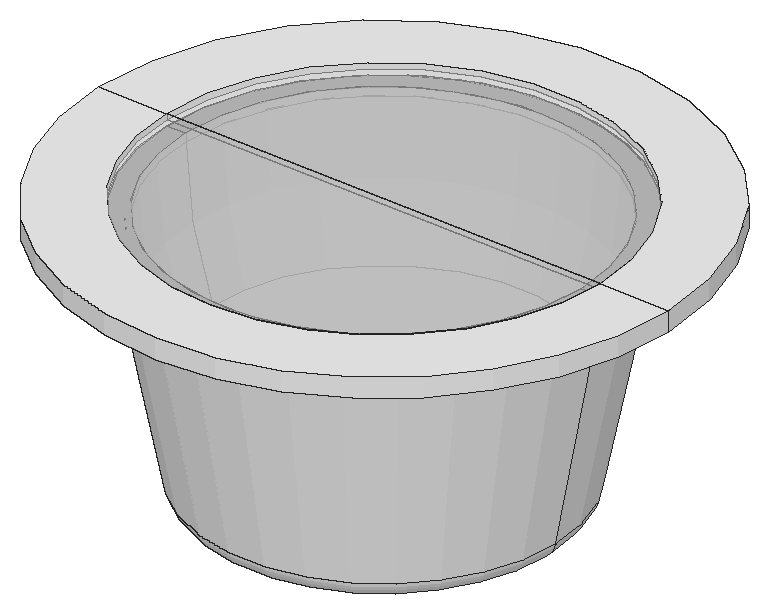
Revit family "2060566+2039013 Sylvania Lighting Fixture ASCENT 100 II ARCH 2700 4K STD EMG 160 with IP54 PC Cover", category Lighting Fixtures, host Face, Revit 2016
Family settings
  Host = Face
  Part Type = Normal
  Round Connector Dimension = Use Diameter
  OmniClass Number = 23.80.70.11.17
  OmniClass Title = Specialized Lighting by Location or Use
  Cut with Voids When Loaded = No
  Light Source = Yes
  Shared = No
  Room Calculation Point = No
Parameters (values of type "2060566+2039013 ASCT100 II ARCH 2700 4K STD EMG 160 with IP54 PC Cover")
  WidthBezelAcc_SYL = 25.0 mm
  Weight = "1.92 kg"
  Wattage = 23 W
  WarrantyStartDate [instance] = "n/a"
  WarrantyGuarantorParts = "n/a"
  WarrantyDurationUnit = "n/a"
  WarrantyDurationParts = "n/a"
  WarrantyDescription = "n/a"
  built-in parameter 1150110 = 1 (stored number, unit not read)
  Voltage = 0 V
  VisibilityAccessory_SYL = yes
  TypeName = "ASCENT 100 II ARCH 2700 4K STD EMG 160 with IP54 PC Cover"
  built-in parameter 1114217 = 1 (stored number, unit not read)
  Tilt Angle = -90°
  built-in parameter 1150109 = 1 (stored number, unit not read)
  built-in parameter 1150134 = 12
  built-in parameter 1150113 = 1 (stored number, unit not read)
  SerialNumber [instance] = "n/a"
  ReflectorRadius_SYL = Radius_SYL - 14.5 mm  # 80.0 mm
  RadiusAcc_SYL = 105.0 mm
  Radius_SYL = 94.5 mm
  URL = "http://www.sylvania-lighting.com"
  PowerFactor = 0
  PowerConsumption = "23 W"
  Photometric Web File = "2060566.ies"
  NominalWidth = 0.0 mm
  NominalLength = 0.0 mm
  NominalHeight = 94.0 mm
  Name = "ASCENT 100 II ARCH 2700 4K STD EMG 160 with IP54 PC Cover"
  ModelReference = "ASCENT 100 II ARCH 2700 4K STD EMG 160 with IP54 PC Cover"
  ModelNumber = "2060566+2039013"
  Material_4_SYL = none
  Material_3_SYL = Polycarbonate_Sylvania_Ascent_Clear
  Material_2_SYL = Aluminium_Sylvania_Ascent_Silver
  Material_1_SYL = Aluminum_Sylvania_Ascent_White
  Material = "aluminium housing, arcylic diffuser"
  ManufacturerName = "Feilo Sylvania"
  LuminousEfficacy = "120 lm/W"
  built-in parameter 1150105 = 219.63 (stored number, unit not read)
  Lumens = 2760 lm
  LuminaireType = ""
  built-in parameter 1150115 = 1 (stored number, unit not read)
  LightOutputRatio = "100"
  built-in parameter 1150137 = (empty or 0)
  built-in parameter 1150139 = (empty or 0)
  LampsType = Lamp  # "LED"
  LampNominalLuminous = "2767 lm"
  LampMacAdamStep = "3"
  LampColourTemperature = "4000 K"
  LampColourRenderingIndex = "80"
  built-in parameter 1150112 = 1 (stored number, unit not read)
  built-in parameter 1150114 = 1 (stored number, unit not read)
  Keynote = "16500"
  InstallationDate [instance] = "n/a"
  InputVoltage = "n/a"
  InputNominalFrequency = "n/a"
  built-in parameter 1150132 = (empty or 0)
  built-in parameter 1150102 = (empty or 0)
  built-in parameter 1150107 = 4000 (stored number, unit not read)
  built-in parameter 1150138 = (empty or 0)
  IngressProtection = "IP54"
  ImpactProtectionIndex = "IK02"
  built-in parameter 1150106 = 2.1963 (stored number, unit not read)
  IfcExportType = "IfcLightFixtureType"
  IfcExportAs = "IfcLightFixtureType"
  Height_SYL = 94.0 mm
  HeightAcc_SYL = 7.0 mm
  ExpectedLife = 50000
  EmittionSurface_SYL = if(VisibilityAccessory_SYL, 7.0 mm, 3.0 mm)  # 7.0 mm
  Emit from Circle Diameter = DiffuserRadius_SYL * 2  # 146.0 mm
  Emit Shape Visible in Rendering = no
  ElectricShockClassification = "Class II"
  built-in parameter 1150104 = 11.148 (stored number, unit not read)
  DurationUnit = "hours"
  DocumentationLiterature = "http://www.sylvania-lighting.com/product/en-int/products/2060566"
  DimmingControlOptions = "n/a"
  Dimming Lamp Color Temperature Shift = <None>
  DiffuserRadius_SYL = ReflectorRadius_SYL - 7.0 mm  # 73.0 mm
  Diameter_SYL = 2 * Radius_SYL  # 189.0 mm
  CutoutDiameter_SYL = Diameter_SYL - 13.0 mm  # 176.0 mm
  CreatedOn = "9/17/2018"
  CreatedBy = "@sylvania-lighting.com"
  Color Filter = 16777215
  built-in parameter 1114216 [instance] = 1 (stored number, unit not read)
  Model = "ASCENT 100 II ARCH 2700 4K STD EMG 160 with IP54 PC Cover"
  Manufacturer = "Feilo Sylvania"
  Lamp = "LED"
  Description = "Direct LED retro fit for original LED 100 Arch (160) single CFL lamp offering Matching lumen levels and improved light distribution of original LED 100 CFL lamp equivalents Typically half the power consumption compared to CFL Up to 112lm/W 160mm aperture Architectural reflector accepts range of glass accessories from existing LED 100 Arch 160 offering HE, HO and VHO versions equivalent of single 1 x 18W, 1 x 32W, 1 x 42W\r\n Additional VVHO versions which offer the performance circa 2 x 32W equivalent"  # constant formula
  Default Elevation = 0.0 mm
  built-in parameter 1140040 [instance] = 1
  BarCode [instance] = "n/a"
  built-in parameter 1114218 = 1 (stored number, unit not read)
  built-in parameter 1150133 = 10 (stored number, unit not read)
  AssetType = "Fixed"
  AssetIdentifier [instance] = "n/a"
  Assembly Code = "D5020200"
  Apparent Load = 23 VA
  Aperture_SYL = 2 * ReflectorRadius_SYL  # 160.0 mm
Types (2, lengths in mm): name | Wattage | TypeName | Photometric Web File | Name | ModelReference | built-in parameter 1150105 | Lumens | built-in parameter 1150106 | Model | Apparent Load
  2060566+2039013 ASCT100 II ARCH 2700 4K STD EMG 160 with IP54 PC Cover | 23 W | "ASCENT 100 II ARCH 2700 4K STD EMG 160 with IP54 PC Cover" | "2060566.ies" | "ASCENT 100 II ARCH 2700 4K STD EMG 160 with IP54 PC Cover" | "ASCENT 100 II ARCH 2700 4K STD EMG 160 with IP54 PC Cover" | 219.63 (stored number, unit not read) | 2760 lm | 2.1963 (stored number, unit not read) | "ASCENT 100 II ARCH 2700 4K STD EMG 160 with IP54 PC Cover" | 23 VA
  2060566+2039013 ASCT100 II ARCH 2700 4K STD EMG 160 with IP54 PC Cover Emergency mode | 1.58333 W | "ASCT100 II ARCH 2700 4K STD EMG 160 with IP54 PC Cover Emergency mode" | "2060566EM.ies" | "ASCT100 II ARCH 2700 4K STD EMG 160 with IP54 PC Cover Emergency mode" | "ASCT100 II ARCH 2700 4K STD EMG 160 with IP54 PC Cover Emergency mode" | 15.12 (stored number, unit not read) | 190 lm | 0.1512 (stored number, unit not read) | "ASCT100 II ARCH 2700 4K STD EMG 160 with IP54 PC Cover Emergency mode" | 1.58333 VA
Reference planes
  plane 1 "Center (Front/Back)": y = 0
  plane 2: z = 0
  plane 3 "Center (Left/Right)": x = 0
  plane 4 "Fixture Bottom": z = 3
  plane 5: z = -52.5
  plane 6 "Fixture Top": z = -91
  plane 7: x = -105
  plane 8: z = 7
  plane 9: x = -80
  plane 10: z = 5
  plane 11: x = -103
Forms (mm)
  Extrusion 1, solid, material "Aluminum_Sylvania_Ascent_White", detail levels fine
    sketch origin (0, 0, 0) x (1, 0, 0) y (0, 1, 0)
      loop
        circle (0, 0) r 94.5
      loop
        circle (0, 0) r 80
    from 0 to 3
  Extrusion 2, void
    sketch origin (0, 0, 0) x (1, 0, 0) y (0, 1, 0)
      loop
        circle (0, 0) r 88
    from -91 to 3
  Revolve 3, solid, material "Aluminum_Sylvania_Ascent_White" <- "Material_1_SYL", detail levels fine
    sketch origin (0, 0, 0) x (1, 0, 0) y (0, 0, 1)
      loop
        line (0, -91.073) -> (0, -89.023) -> (-55.468, -89.014)
        arc (-55.468, -89.014) -> (-59.352, -87.613) -> (-61.54, -84.139) r 6.307
        line (-61.54, -84.139) -> (-77.991, -2.844) -> (-77.991, 0) -> (-80, 0) -> (-80, -3) -> (-63.5, -84.536)
        arc (-63.5, -84.536) -> (-60.643, -89.203) -> (-55.5, -91.073) r 8.291
        line (-55.5, -91.073) -> (0, -91.073)
      axis (0, 0) -> (0, -91.073)
    angle from 0 to 360
  Revolve 4, solid, material "Aluminium_Sylvania_Ascent_Silver" <- "Material_2_SYL", detail levels fine
    sketch origin (0, 0, 0) x (1, 0, 0) y (0, 0, 1)
      loop
        line (-80, 3) -> (-80, 0) -> (-75, 0)
        arc (-75, 0) -> (-72.349, -26.77) -> (-64.5, -52.5) r 136.5
        line (-64.5, -52.5) -> (-58, -52.5)
        arc (-58, -52.5) -> (-56.857, -61.521) -> (-53.5, -69.971) r 36.166
        line (-53.5, -69.971) -> (0, -69.971) -> (0, -50.5) -> (-63.16, -50.5)
        arc (-63.16, -50.5) -> (-70.517, -25.725) -> (-73, 0) r 134.5
        line (-73, 0) -> (-73, 3) -> (-80, 3)
      axis (0, 3) -> (0, -69.971)
    angle from 0 to 360
  Extrusion 5, solid, material "Polycarbonate_Sylvania_Ascent_Clear" <- "Material_3_SYL", detail levels fine
    sketch origin (0, 0, 0) x (1, 0, 0) y (0, 1, 0)
      loop
        circle (0, 0) r 73
    from 0 to 3
  Revolve 6, solid, material "Aluminum_Sylvania_Ascent_White" <- "Material_1_SYL", detail levels coarse+medium
    sketch origin (0, 0, 0) x (1, 0, 0) y (0, 0, 1)
      loop
        line (0, -91.073) -> (0, 3) -> (-94.5, 3) -> (-94.5, 0) -> (-79.5, 0) -> (-79.5, -3) -> (-63, -84.536)
        arc (-63, -84.536) -> (-60.143, -89.203) -> (-55, -91.073) r 8.291
        line (-55, -91.073) -> (0, -91.073)
      axis (0, 3) -> (0, -91.073)
    angle from 0 to 360
  Revolve 7, solid, material "Aluminum_Sylvania_Ascent_White" <- "Material_1_SYL", visible <- "VisibilityAccessory_SYL"
    sketch origin (0, 0, 0) x (1, 0, 0) y (0, 0, 1)
      loop
        line (-105, 0) -> (-103, 0) -> (-103, 5) -> (-80, 5) -> (-80, 7) -> (-105, 7) -> (-105, 0)
      axis (0, 7) -> (0, 0)
    angle from 0 to 360
  Revolve 8, solid, material "Polycarbonate_Sylvania_Ascent_Clear" <- "Material_3_SYL", visible <- "VisibilityAccessory_SYL"
    sketch origin (0, 0, 0) x (1, 0, 0) y (0, 0, 1)
      loop
        line (-80, 7) -> (-80, 5) -> (0, 5) -> (0, 7) -> (-80, 7)
      axis (0, 7) -> (0, 5)
    angle from 0 to 360
Lines and regions (mm)
  reference lines
    curve 1: line (-150, 0, 7) -> (125, 0, 7)
Dimensions and locks
  locked: plane 4 "Fixture Bottom" to plane 2 at 3
  "Height_SYL": plane 4 "Fixture Bottom" to plane 6 "Fixture Top"
  "ReflectorRadius_SYL": plane 3 "Center (Left/Right)" to Revolve 4 sketch curve
  locked: Revolve 4 sketch curve to Revolve 4 sketch curve at 15.5
  locked: Revolve 4 sketch curve to Revolve 4 sketch curve at 5
  locked: Revolve 4 sketch curve to Revolve 4 sketch curve at 7
  locked: Revolve 4 sketch curve to Revolve 4 sketch curve at 22
  locked: Revolve 4 sketch curve to Revolve 4 sketch curve at 26.5
  locked: Revolve 3 sketch curve to Revolve 3 sketch curve at 16.5
  locked: Revolve 3 sketch curve to Revolve 3 sketch curve at 24.5
  "ReflectorRadius_SYL": Revolve 3 sketch curve to plane 3 "Center (Left/Right)"
  locked: Revolve 3 sketch curve to plane 6 "Fixture Top" at 6.464
  locked: plane 2 to Revolve 3 sketch curve at 3
  locked: Revolve 3 sketch curve to Revolve 3 sketch curve at 2
  locked: Revolve 3 sketch curve to Revolve 3 sketch curve at 2.009
  locked: plane 2 to plane 5 at 52.5
  locked: Revolve 6 sketch curve to Revolve 6 sketch curve at 31.5
  locked: Revolve 6 sketch curve to Revolve 6 sketch curve at 39.5
  locked: Revolve 6 sketch curve to Revolve 6 sketch curve at 15
  "Radius_SYL": plane 3 "Center (Left/Right)" to Revolve 6 sketch curve
  "RadiusAcc_SYL": plane 3 "Center (Left/Right)" to plane 7
  "HeightAcc_SYL": plane 8 to level
  "WidthBezelAcc_SYL": plane 7 to plane 9
  locked: plane 7 to plane 11 at 2
  locked: plane 8 to plane 10 at 2
  "EmittionSurface_SYL": curve 1 to level
  "CutoutDiameter_SYL": diameter of Extrusion 2 sketch curve
  "ReflectorRadius_SYL": radius of Extrusion 1 sketch curve
  "DiffuserRadius_SYL": radius of Extrusion 5 sketch curve
  "Radius_SYL": radius of Extrusion 1 sketch curve
  aligned and locked: host face to plane 2
  aligned and locked: host face to level
  aligned and locked: plane 4 "Fixture Bottom" to Extrusion 1
  aligned and locked: Extrusion 1 to plane 2
  aligned and locked: Revolve 3 sketch curve to plane 3 "Center (Left/Right)"
  aligned and locked: Revolve 4 sketch curve to plane 3 "Center (Left/Right)"  (x2)
  aligned and locked: plane 4 "Fixture Bottom" to Revolve 4 sketch curve
  aligned and locked: Extrusion 5 to plane 2
  aligned and locked: plane 2 to Revolve 3 sketch curve  (x2)
  aligned and locked: Revolve 6 sketch curve to plane 3 "Center (Left/Right)"
  aligned and locked: plane 6 "Fixture Top" to Extrusion 2
  aligned and locked: Revolve 7 sketch curve to plane 3 "Center (Left/Right)"
  aligned and locked: host face to Revolve 7 sketch curve  (x2)
  aligned and locked: Revolve 7 sketch curve to plane 7
  aligned and locked: plane 8 to Revolve 7 sketch curve
  aligned and locked: plane 9 to Revolve 7 sketch curve
  aligned and locked: Revolve 7 sketch curve to plane 10
  aligned and locked: plane 11 to Revolve 7 sketch curve
  aligned and locked: Revolve 7 to Revolve 8 sketch curve
  aligned and locked: Revolve 8 sketch curve to Revolve 7  (x2)
  aligned and locked: Revolve 8 sketch curve to plane 3 "Center (Left/Right)"  (x2)
  aligned and locked: plane 3 "Center (Left/Right)" to imposter light
  aligned and locked: imposter light to plane 1 "Center (Front/Back)"
  aligned and locked: imposter light to curve 1
Automatic sketch dimensions
  plane 1 "Center (Front/Back)" to Extrusion 2 sketch curve = 0.0 mm
  Extrusion 2 sketch curve to plane 3 "Center (Left/Right)" = 0.0 mm
  Extrusion 1 sketch curve to Extrusion 1 sketch curve = 0.0 mm  (x2)
  plane 1 "Center (Front/Back)" to Extrusion 1 sketch curve = 0.0 mm
  Extrusion 1 sketch curve to plane 3 "Center (Left/Right)" = 0.0 mm
  plane 6 "Fixture Top" to Revolve 3 sketch curve = 0.073 mm
  Revolve 3 sketch curve to plane 6 "Fixture Top" = 6.861 mm
  Revolve 3 sketch curve to Revolve 3 sketch curve = 0.003 mm
  Revolve 3 sketch curve to Revolve 3 sketch curve = 0.009 mm  (x2)
  Revolve 3 sketch curve to Revolve 3 sketch curve = 0.023 mm
  Revolve 3 sketch curve to Revolve 3 sketch curve = 0.072 mm
  Revolve 3 sketch curve to Revolve 3 sketch curve = 0.008 mm
  Revolve 3 sketch curve to plane 6 "Fixture Top" = 1.977 mm
  Revolve 3 sketch curve to Revolve 3 sketch curve = 33.496 mm
  Revolve 3 sketch curve to Revolve 3 sketch curve = 0.028 mm
  plane 4 "Fixture Bottom" to Revolve 3 sketch curve = 82.431 mm
  Revolve 4 sketch curve to Revolve 4 sketch curve = 0.0 mm  (x2)
  Revolve 4 sketch curve to plane 5 = 0.0 mm
  Revolve 4 sketch curve to level = 0.0 mm
  plane 5 to Revolve 4 sketch curve = 2.0 mm
  plane 4 "Fixture Bottom" to Revolve 4 sketch curve = 9.642 mm
  plane 1 "Center (Front/Back)" to Extrusion 5 sketch curve = 0.0 mm
  Extrusion 5 sketch curve to plane 3 "Center (Left/Right)" = 0.0 mm
  Revolve 4 sketch curve to level = 69.971 mm
  Revolve 4 sketch curve to Revolve 4 sketch curve = 2.387 mm
  Revolve 6 sketch curve to level = 0.0 mm
  Revolve 6 sketch curve to plane 3 "Center (Left/Right)" = 0.0 mm
  Revolve 6 sketch curve to Revolve 6 sketch curve = 8.104 mm
  Revolve 6 sketch curve to level = 3.0 mm
  Revolve 6 sketch curve to plane 6 "Fixture Top" = 6.464 mm
  plane 6 "Fixture Top" to Revolve 6 sketch curve = 0.073 mm
  Revolve 6 sketch curve to Revolve 6 sketch curve = 33.496 mm
  plane 4 "Fixture Bottom" to Revolve 6 sketch curve = 82.431 mm
  host sketch curve to host sketch curve = 1704.996 mm
  host sketch curve to host sketch curve = 1500.0 mm
  plane 6 "Fixture Top" to Revolve 7 sketch curve = 281.274 mm
  Revolve 7 sketch curve to plane 8 = 1140.706 mm
  plane 6 "Fixture Top" to Revolve 8 sketch curve = 281.274 mm
  Revolve 8 sketch curve to Revolve 8 sketch curve = 1140.706 mm
  Revolve 3 sketch curve to plane 3 "Center (Left/Right)" = 0.0 mm
  Revolve 6 sketch curve to plane 4 "Fixture Bottom" = 0.0 mm
  plane 7 to curve 1 = 45.0 mm
  plane 3 "Center (Left/Right)" to curve 1 = 125.0 mm
Connectors
  electrical at (0, 0, -91.073), driven by "Apparent Load"
    settings: on Revolve 3, index 1, voltage 240 V, apparent load 0 VA, apparent load phase1 23 VA, apparent load phase2 0 VA, apparent load phase3 0 VA, power factor 1, load classification "Lighting", number of poles 1, system type 31, power factor state 1, is connector primary yes, connector utility no, sub classification motor no, connector description ""
